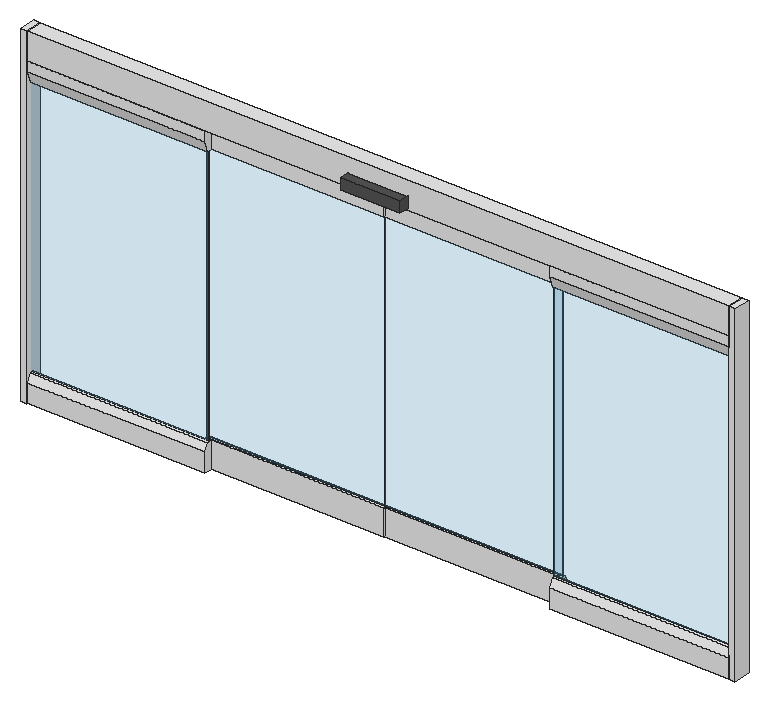
Revit family "Door_Sliding_AssaAbloy_AllGlass-BiPart", category Doors, host Wall, Revit 2024
Family settings
  Host = Wall
  OmniClass Number = 23.30.10.17.11
  OmniClass Title = Sliding Doors
  Always vertical = Yes
  Cut with Voids When Loaded = No
  Shared = No
  Room Calculation Point = No
Parameters (values of type "FSL 16 ft")
  Wall CL Offset Notes [instance] = "Use positive or negative values to determine location"  # constant formula
  Standards Conformance = "as Specified"
  Rail Height_Bottom [instance] = 0' - 7"
  RO Offset = 0' - 0 1/4"
  Panel Thickness = 0' - 1 7/8"
  Panel Height [instance] = if(Include Threshold, Height - 0' 0 5/8" - 0' 7 1/8", Height - 0' 0 1/8" - 0' 7 1/8")  # 6' - 10 1/2"
  Offset from Wall CL [instance] = 0' - 0"
  Include Threshold [instance] = no
  Hardware Finish [instance] = Plastic - Black
  Glazing Type [instance] = ""
  Glazing Tint [instance] = Glass
  Glazing Thickness [instance] = 0' - 0 1/4"
  Glazing Configuration [instance] = ""
  Function = Interior
  Jamb Width = 0' - 1 3/4"
  Frame Thickness = 0' - 4 1/2"
  Frame Finish [instance] = Metal - Aluminum - Besam - Anodized - Clear
  Electrical_Voltage [instance] = 0 V
  Electrical_Frequency [instance] = 0 Hz
  Electrical_Amperage [instance] = 0 A
  Clear Opening Width = 6' - 10 1/8"
  Clear Opening Height [instance] = if(1 = 1, Height - 0' 8 7/8", 0' 0")  # 6' - 8 7/8"
  Panel Width = (((Width / 2) - Jamb Width) / 2) + (0' 1" / 2) + 0' 0 1/4"  # 3' - 11 7/8"
  Warranty Duration (Years) = 0
  URL = "http://www.besam-usa.com/en/besam/us/"
  Thickness = 0' - 0"  # constant formula
  Test Data = ""
  Specification = "http://www.arcat.com/sd/clients/besamaut.html?coid=30906"
  SpecWizard = "http://www.arcat.com/specwizard/clients/besamaut.html?coid=30906"
  Send Message = "http://www.arcat.com/users.pl?action=UserEmail&company=Besam%20Entrance%20Solutions&coid=30906&rep=141&fax=704-290-5555&mf="
  Sales Information = "http://www.besam-usa.com/en/besam/us/About-us/Contact-Us/"
  Rough Width = (Width + (RO Offset * 2))  # 16' - 0 1/2"
  Rough Height = (Height + (RO Offset))  # 7' - 6"
  Product Properties = "http://www.besam-usa.com/en/besam/us/Products/"
  Product Data = "http://www.arcat.com/arcatcos/cos30/arc30906.html"
  Manufacturer Website = "http://www.besam-usa.com/en/besam/us/"
  Manufacturer Phone - Toll Free = "877-SPEC-123"
  Manufacturer Fax = "704-290-5555"
  Manufacturer Address = "1900 Airport Rd., Monroe, NC 28110"
  Maintenance Schedule (Months) = 0
  Installation-Fabrication = "http://www.besam-usa.com/en/besam/us/Downloads/"
  Installation Phase = ""
  Green Building-LEED = "http://www.arcat.com/green/clients/leed_data_30906.html"
  Model = "Besam SL500 CGL BP FSL16"
  Manufacturer = "ASSA ABLOY Entrance Systems"
  Keynote = "08463"
  Height = 7' - 5 3/4"
  Wall Closure = By host
  Width = 16' - 0"
  Fire Rating = "As Specified"
  Expected Lifespan (Years) = 0
  Drawn By = "Sumex Design, Inc. / Robert S. Weygant, CSI, CDT, SCIP"
  Description = "ASSA ABLOY All Glass BiPart Sliding Door - Besam SL500 CGL BP FSL16 as Specified"
  Copyright = "©Arcat Inc."
  Construction Details = "http://www.arcat.com/details/besamaut/besamaut.html?coid=30906"
  Building Codes = ""
  Assembly Code = "B2030110"
Types (4): name | Clear Opening Width | Panel Width | Rough Width | Model | Width | Description
  FSL 16 ft | 6' - 10 1/8" | 3' - 11 7/8" | 16' - 0 1/2" | "Besam SL500 CGL BP FSL16" | 16' - 0" | "ASSA ABLOY All Glass BiPart Sliding Door - Besam SL500 CGL BP FSL16 as Specified"
  FSL 14 ft | 5' - 10 1/8" | 3' - 5 7/8" | 14' - 0 1/2" | "Besam SL500 CGL BP FSL14" | 14' - 0" | "ASSA ABLOY All Glass BiPart Sliding Door - Besam SL500 CGL BP FSL14 as Specified"
  FSL 12 ft | 4' - 10 1/8" | 2' - 11 7/8" | 12' - 0 1/2" | "Besam SL500 CGL BP FSL12" | 12' - 0" | "ASSA ABLOY All Glass BiPart Sliding Door - Besam SL500 CGL BP FSL12 as Specified"
  FSL 10 ft | 3' - 10 1/8" | 2' - 5 7/8" | 10' - 0 1/2" | "Besam SL500 CGL BP FSL10" | 10' - 0" | "ASSA ABLOY All Glass BiPart Sliding Door - Besam SL500 CGL BP FSL10 as Specified"
Reference planes (in)
  plane 1 "Center (Front/Back)": y = -33.96225
  plane 2 "Center (Left/Right)": x = 64.28704
  plane 3: z = 0
  plane 4 "Right": x = 160.28704
  plane 5 "Left": x = -31.71296
  plane 6 "Closure": y = -35.96225
  plane 7: z = 0
  plane 8 "Top of Frame": z = 89.75
  plane 9 "RO Top": z = 90
  plane 10 "RO Right": x = 160.53704
  plane 11 "RO Left": x = -31.96296
  plane 12 "Frame Ext": y = -31.71225
  plane 13 "Frame Int": y = -36.21225
  plane 14: z = 0.125
  plane 15: x = 158.53704
  plane 16: x = -29.96296
  plane 17: z = 82.625
  plane 18: x = 17.91204
  plane 19: x = 110.66204
  plane 20: y = -34.64975
  plane 21: y = -34.77475
  plane 22: y = -34.52475
Forms (in)
  Extrusion 1, void
    sketch origin (0, -33.96225, 0) x (1, 0, 0) y (0, 0, 1)
      loop
        line (67.28704, 0) -> (67.28704, 2.875) -> (61.28704, 2.875) -> (61.28704, 0) -> (67.28704, 0)
    from 0 <- "Offset from Wall CL" to 12.0625
  Extrusion 2, void
    sketch origin (0, -33.96225, 0) x (-1, 0, 0) y (0, 0, 1)
      loop
        line (-19.16204, 0) -> (-19.16204, 1.875) -> (-22.16204, 1.875) -> (-22.16204, 0) -> (-19.16204, 0)
    from 0 to 12
  Extrusion 3, void
    sketch origin (0, -33.96225, 0) x (-1, 0, 0) y (0, 0, 1)
      loop
        line (-109.41204, 0) -> (-106.41204, 0) -> (-106.41204, 1.875) -> (-109.41204, 1.875) -> (-109.41204, 0)
    from -2.25 to 12
Lines and regions (in)
  Opening 1
    outline origin (-109.33485, -35.96225, 0) x (1, 0, 0) y (0, 0, 1)
      loop
        line (77.37189, 0) -> (269.87189, 0) -> (269.87189, 90) -> (77.37189, 90) -> (77.37189, 0)
Text (in)
  text "Exterior" at (48.04558, 2.31104, 0), in view "Plan"
  text "Interior" at (48.04558, -50.14366, 0), in view "Plan"
  text "Exterior" at (0, -17.98638, 123.01588), in view "Right"
  text "Interior" at (0, -64.39139, 123.01588), in view "Right"
  text "Interior" at (0, -52.09468, 121.14095), in view "Left"
  text "Exterior" at (0, 26.35325, 123.00693), in view "Left"
Dimensions and locks (in)
  equal spacing: plane 4 "Right", plane 2 "Center (Left/Right)", plane 5 "Left"
  "Width": plane 5 "Left" to plane 4 "Right"
  "Height": level to plane 8 "Top of Frame"
  "RO Offset": plane 5 "Left" to plane 11 "RO Left"
  "RO Offset": plane 10 "RO Right" to plane 4 "Right"
  "Frame Thickness": plane 12 "Frame Ext" to plane 13 "Frame Int"
  equal spacing: plane 12 "Frame Ext", plane 1 "Center (Front/Back)", plane 13 "Frame Int"
  "Jamb Width": plane 5 "Left" to plane 16
  "Jamb Width": plane 4 "Right" to plane 15
  locked: plane 17 to plane 8 "Top of Frame" at 7.125
  "Panel Width": plane 19 to plane 15
  "Panel Width": plane 16 to plane 18
  locked: plane 20 to plane 13 "Frame Int" at 1.5625
  equal spacing: plane 22, plane 20, plane 21
  "Glazing Thickness": plane 22 to plane 21
  "RO Offset": plane 8 "Top of Frame" to plane 9 "RO Top"
  "Panel Height": plane 14 to plane 17
  aligned and locked: host wall to plane 1 "Center (Front/Back)"
  aligned and locked: host wall to plane 6 "Closure"
  aligned and locked: Opening 1 sketch curve to level
  aligned and locked: plane 10 "RO Right" to Opening 1 sketch curve
  aligned and locked: Opening 1 sketch curve to plane 9 "RO Top"
  aligned and locked: plane 11 "RO Left" to Opening 1 sketch curve
  aligned and locked: plane 2 "Center (Left/Right)" to nested 2
  aligned and locked: plane 2 "Center (Left/Right)" to nested 4
  aligned and locked: nested 1 to plane 16
  aligned and locked: nested 3 to plane 15
  aligned: nested 4 to plane 12 "Frame Ext"
  aligned: plane 12 "Frame Ext" to nested 2
  aligned and locked: nested 5 to Extrusion 1
  aligned and locked: nested 3 to Extrusion 3
  aligned and locked: nested 1 to Extrusion 3
  aligned and locked: nested 2 to Extrusion 2
  aligned and locked: nested 4 to Extrusion 2
  aligned and locked: plane 14 to nested 3
  aligned and locked: plane 14 to nested 4
  aligned and locked: nested 2 to plane 14
  aligned and locked: nested 1 to plane 14
Automatic sketch dimensions
  Extrusion 1 sketch curve to level = 0' - 0"
  Extrusion 1 sketch curve to plane 2 "Center (Left/Right)" = 0' - 3"
  plane 2 "Center (Left/Right)" to Extrusion 1 sketch curve = 0' - 3"
  plane 14 to Extrusion 1 sketch curve = 0' - 2 3/4"
  Extrusion 2 sketch curve to Extrusion 1 = 0' - 0"
  Extrusion 2 sketch curve to Extrusion 1 = 0' - 1"
  Extrusion 1 to Extrusion 2 sketch curve = 3' - 6 1/8"
  Extrusion 2 sketch curve to Extrusion 2 sketch curve = 0' - 3"
  Extrusion 3 sketch curve to Extrusion 1 = 0' - 0"
  Extrusion 1 to Extrusion 3 sketch curve = 3' - 3 1/8"
  Extrusion 3 sketch curve to Extrusion 1 = 0' - 1"
  Extrusion 3 sketch curve to Extrusion 3 sketch curve = 0' - 3"
Nested families (in)
  nested 1: "Panel_AllGlass" at (-6.02546, -35.27475, 0.125) x (-1, 0, 0) z (0, 0, 1), Glass Type <- "Glazing Tint", Width <- "Panel Width", Thickness <- "Panel Thickness", Height <- "Panel Height", Glass Thickness <- "Glazing Thickness", Frame Material <- "Frame Finish", type "Panel_AllGlass"
    with Width 3' - 11 7/8", Thickness 0' - 1 7/8", Slide Right no, Slide Left no, Pivot Flat Side yes, Pivot Curved Side no, Muntin no, Height 6' - 10 1/2", Glass Type Glass, Glass Thickness 0' - 0 1/4", Frame Material Metal - Aluminum - Besam - Anodized - Clear, Flat Corner yes, 2 Curved Corners no
  nested 2: "Panel_AllGlass" at (40.34954, -33.02475, 0.125), Glass Type <- "Glazing Tint", Width <- "Panel Width", Thickness <- "Panel Thickness", Height <- "Panel Height", Glass Thickness <- "Glazing Thickness", Frame Material <- "Frame Finish", type "Panel_AllGlass"
    with Width 3' - 11 7/8", Thickness 0' - 1 7/8", Slide Right no, Slide Left yes, Pivot Flat Side no, Pivot Curved Side yes, Muntin no, Height 6' - 10 1/2", Glass Type Glass, Glass Thickness 0' - 0 1/4", Frame Material Metal - Aluminum - Besam - Anodized - Clear, Flat Corner yes, 2 Curved Corners no
  nested 3: "Panel_AllGlass" at (134.59954, -35.27475, 0.125), Glass Type <- "Glazing Tint", Width <- "Panel Width", Thickness <- "Panel Thickness", Height <- "Panel Height", Glass Thickness <- "Glazing Thickness", Frame Material <- "Frame Finish", type "Panel_AllGlass"
    with Width 3' - 11 7/8", Thickness 0' - 1 7/8", Slide Right no, Slide Left no, Pivot Flat Side yes, Pivot Curved Side no, Muntin no, Height 6' - 10 1/2", Glass Type Glass, Glass Thickness 0' - 0 1/4", Frame Material Metal - Aluminum - Besam - Anodized - Clear, Flat Corner yes, 2 Curved Corners no
  nested 4: "Panel_AllGlass" at (88.22454, -33.02475, 0.125) x (-1, 0, 0) z (0, 0, 1), Glass Type <- "Glazing Tint", Width <- "Panel Width", Thickness <- "Panel Thickness", Height <- "Panel Height", Glass Thickness <- "Glazing Thickness", Frame Material <- "Frame Finish", type "Panel_AllGlass"
    with Width 3' - 11 7/8", Thickness 0' - 1 7/8", Slide Right no, Slide Left yes, Pivot Flat Side no, Pivot Curved Side yes, Muntin no, Height 6' - 10 1/2", Glass Type Glass, Glass Thickness 0' - 0 1/4", Frame Material Metal - Aluminum - Besam - Anodized - Clear, Flat Corner yes, 2 Curved Corners no
  nested 5: "Frame" at (64.28704, -33.96225, 0), hardware finish <- "Hardware Finish", glazing <- "Glazing Tint", frame finish <- "Frame Finish", width <- "Width", height <- "Height", threshold <- "Include Threshold", type "Frame"
    with width 16' - 0", transom height 1' - 3", threshold no, panel width 3' - 5 7/8", height 7' - 5 3/4", hardware finish Plastic - Black, glazing Glass, frame finish Metal - Aluminum - Besam - Anodized - Clear
Definition of nested family "Panel_AllGlass"
  Parameters
    Width [instance] = 3' - 0"
    Thickness [instance] = 0' - 1 7/8"
    Slide Right [instance] = yes
    Slide Left [instance] = yes
    Rail Width_Top = 0' - 5 1/2"
    Rail Width_Base = 0' - 7"
    Pivot Flat Side [instance] = no
    Pivot Curved Side [instance] = yes
    Muntin [instance] = no
    Height [instance] = 7' - 0"
    Glass Type [instance] = none
    Glass Thickness [instance] = 0' - 0 1/4"
    Frame Material [instance] = none
    Flat Corner [instance] = not([2 Curved Corners])  # yes
    Assembly Code = ""
    2 Curved Corners [instance] = no
  Reference planes (in)
    plane 1 "Center (Front/Back)": y = 0
    plane 2: z = 0
    plane 3 "Center (Left/Right)": x = 0
    plane 4: x = -18
    plane 5: x = 18
    plane 6 "Frame_Ext": y = 0.9375
    plane 7 "Frame_Int": y = -0.9375
    plane 8: z = 84
    plane 9: z = 78.5
    plane 10: z = 7
    plane 11 "Glass_Ext": y = -0.4375
    plane 12 "Glass_Int": y = -0.6875
    plane 13: z = 42
  Forms (in)
    Extrusion 1, solid, material <- "Glass Type"
      sketch origin (-19.12252, -0.6875, 48) x (-1, 0, 0) y (0, 0, -1)
        loop
          line (-1.12252, -30.5) -> (-1.12252, 41) -> (-37.12252, 41) -> (-37.12252, -30.5) -> (-1.12252, -30.5)
      from 0 to -0.25
    Sweep 2, solid, material <- "Frame Material"
      path origin (0, 0, 0) x (1, 0, 0) y (0, 0, 1)
        loop
          line (-18, 84) -> (18, 84)
      profile origin (0, 0, 84) x (0, 0, 1) y (0, -1, 0)
        loop
          line (0, -0.9375) -> (0, 0.9375) -> (-5.5, 0.9375) -> (-5.5, 0.07597) -> (-2.71553, -0.9375) -> (0, -0.9375)
    Sweep 3, solid, material <- "Frame Material"
      path origin (0, 0, 0) x (1, 0, 0) y (0, 0, 1)
        loop
          line (-18, 0) -> (18, 0)
      profile origin (0, 0, 0) x (0, 0, 1) y (0, -1, 0)
        loop
          line (5.05144, -0.9375) -> (7, 0) -> (7, 0.9375) -> (0, 0.9375) -> (0, -0.9375) -> (5.05144, -0.9375)
  Lines and regions (in)
    Masking region 1, visible <- "Slide Right"
      outline origin (0, 0, 0) x (1, 0, 0) y (0, 1, 0)
        loop
          line (-1.75, -4.4375) -> (-1.75, -6.4375) -> (1.75, -6.4375) -> (1.75, -7.4375) -> (3.75, -5.4375) -> (1.75, -3.4375) -> (1.75, -4.4375) -> (-1.75, -4.4375)
    Masking region 2, visible <- "Slide Left"
      outline origin (0, 0, 0) x (0, 1, 0) y (-1, 0, 0)
        loop
          line (-4.4375, -1.75) -> (-4.4375, 1.75) -> (-3.4375, 1.75) -> (-5.4375, 3.75) -> (-7.4375, 1.75) -> (-6.4375, 1.75) -> (-6.4375, -1.75) -> (-4.4375, -1.75)
    symbolic lines, visible <- "Pivot Curved Side"
      curve 1: arc (18, -0.01635, 0) -> (7.45584, 25.43949, 0) -> (-18, 35.98365, 0) r 36
      curve 2: line (-18, 35.98365, 0) -> (-18, 0, 0)
    model lines, visible <- "Slide Right"
      curve 3: line (-1.75, -0.9375, 47) -> (1.75, -0.9375, 47)
      curve 4: line (1.75, -0.9375, 47) -> (1.75, -0.9375, 48)
      curve 5: line (-1.75, -0.9375, 47) -> (-1.75, -0.9375, 45)
      curve 6: line (-1.75, -0.9375, 45) -> (1.75, -0.9375, 45)
      curve 7: line (1.75, -0.9375, 45) -> (1.75, -0.9375, 44)
      curve 8: line (1.75, -0.9375, 44) -> (3.75, -0.9375, 46)
      curve 9: line (1.75, -0.9375, 48) -> (3.75, -0.9375, 46)
      curve 17: line (-1.75, 0.9375, 47) -> (1.75, 0.9375, 47)
      curve 18: line (-1.75, 0.9375, 47) -> (-1.75, 0.9375, 45)
      curve 19: line (-1.75, 0.9375, 45) -> (1.75, 0.9375, 45)
      curve 20: line (1.75, 0.9375, 45) -> (1.75, 0.9375, 44)
      curve 21: line (1.75, 0.9375, 44) -> (3.75, 0.9375, 46)
      curve 29: line (1.75, 0.9375, 47) -> (1.75, 0.9375, 48)
      curve 30: line (1.75, 0.9375, 48) -> (3.75, 0.9375, 46)
    model lines, visible <- "Slide Left"
      curve 10: line (1.75, -0.9375, 47) -> (-1.75, -0.9375, 47)
      curve 11: line (-1.75, -0.9375, 47) -> (-1.75, -0.9375, 48)
      curve 12: line (1.75, -0.9375, 47) -> (1.75, -0.9375, 45)
      curve 13: line (1.75, -0.9375, 45) -> (-1.75, -0.9375, 45)
      curve 14: line (-1.75, -0.9375, 45) -> (-1.75, -0.9375, 44)
      curve 15: line (-1.75, -0.9375, 44) -> (-3.75, -0.9375, 46)
      curve 16: line (-1.75, -0.9375, 48) -> (-3.75, -0.9375, 46)
      curve 22: line (1.75, 0.9375, 47) -> (-1.75, 0.9375, 47)
      curve 23: line (1.75, 0.9375, 47) -> (1.75, 0.9375, 45)
      curve 24: line (1.75, 0.9375, 45) -> (-1.75, 0.9375, 45)
      curve 25: line (-1.75, 0.9375, 45) -> (-1.75, 0.9375, 44)
      curve 26: line (-1.75, 0.9375, 44) -> (-3.75, 0.9375, 46)
      curve 27: line (-1.75, 0.9375, 47) -> (-1.75, 0.9375, 48)
      curve 28: line (-1.75, 0.9375, 48) -> (-3.75, 0.9375, 46)
  Dimensions and locks (in)
    equal spacing: plane 7 "Frame_Int", plane 1 "Center (Front/Back)", plane 6 "Frame_Ext"
    "Thickness": plane 6 "Frame_Ext" to plane 7 "Frame_Int"
    equal spacing: plane 4, plane 3 "Center (Left/Right)", plane 5
    "Width": plane 4 to plane 5
    "Height": plane 8 to level
    "Rail Width_Top": plane 8 to plane 9
    "Rail Width_Base": plane 10 to level
    "Glass Thickness": plane 12 "Glass_Int" to plane 11 "Glass_Ext"
    equal spacing: plane 8, plane 13, level
    locked: plane 12 "Glass_Int" to plane 7 "Frame_Int" at 0.25
    locked: Sweep 2 sketch curve to plane 9 at 2.78447
    locked: plane 10 to Sweep 3 sketch curve at 1.94856
    aligned and locked: plane 9 to Sweep 2 sketch curve
    aligned and locked: plane 7 "Frame_Int" to Sweep 2 sketch curve
    aligned and locked: Sweep 2 sketch curve to plane 6 "Frame_Ext"
    aligned and locked: Sweep 3 sketch curve to plane 10
    aligned and locked: plane 7 "Frame_Int" to Sweep 3 sketch curve
    aligned and locked: Sweep 3 sketch curve to plane 6 "Frame_Ext"
    aligned and locked: plane 11 "Glass_Ext" to Extrusion 1
  Automatic sketch dimensions
    plane 1 "Center (Front/Back)" to curve 2 = 0' - 0"
    curve 2 to plane 4 = 0' - 0"
    curve 1 to plane 5 = 0' - 0"
    plane 1 "Center (Front/Back)" to curve 1 = 0' - 0.01635"
    Extrusion 1 sketch curve to plane 5 = 0' - 0"
    Extrusion 1 sketch curve to plane 4 = 0' - 0"
    Extrusion 1 sketch curve to plane 10 = 0' - 0"
    Extrusion 1 sketch curve to plane 9 = 0' - 0"
    Sweep 2 sketch curve to plane 4 = 0' - 0"
    Sweep 2 sketch curve to plane 5 = 0' - 0"
    Sweep 2 sketch curve to plane 8 = 0' - 0"
    profile plane to Sweep 2 sketch curve = 0' - 0"
    plane 1 "Center (Front/Back)" to Sweep 2 sketch curve = 0' - 0.07597"
    Sweep 3 sketch curve to level = 0' - 0"
    Sweep 3 sketch curve to plane 4 = 0' - 0"
    Sweep 3 sketch curve to plane 5 = 0' - 0"
    profile plane to Sweep 3 sketch curve = 0' - 0"
    Sweep 3 sketch curve to plane 1 "Center (Front/Back)" = 0' - 0"
    plane 3 "Center (Left/Right)" to curve 9 = 0' - 3 3/4"
    plane 3 "Center (Left/Right)" to curve 4 = 0' - 1 3/4"
    curve 10 to plane 3 "Center (Left/Right)" = 0' - 1 3/4"
    curve 3 to curve 16 = 0' - 2"
    plane 13 to curve 14 = 0' - 2"
    plane 13 to curve 7 = 0' - 2"
    curve 7 to curve 13 = 0' - 1"
    curve 6 to curve 9 = 0' - 1"
    curve 5 to curve 15 = 0' - 1"
    curve 10 to curve 4 = 0' - 1"
    plane 3 "Center (Left/Right)" to curve 30 = 0' - 3 3/4"
    plane 3 "Center (Left/Right)" to curve 29 = 0' - 1 3/4"
    curve 22 to plane 3 "Center (Left/Right)" = 0' - 1 3/4"
    curve 17 to curve 26 = 0' - 2"
    plane 13 to curve 21 = 0' - 2"
    plane 13 to curve 25 = 0' - 2"
    curve 25 to curve 18 = 0' - 1"
    curve 18 to curve 28 = 0' - 1"
    curve 19 to curve 30 = 0' - 1"
    curve 23 to curve 29 = 0' - 1"
    Masking region 1 sketch curve to plane 3 "Center (Left/Right)" = 0' - 1 3/4"
    plane 3 "Center (Left/Right)" to Masking region 1 sketch curve = 0' - 1 3/4"  (x2)
    Masking region 1 sketch curve to Masking region 1 sketch curve = 0' - 2"  (x2)
    Masking region 1 sketch curve to plane 7 "Frame_Int" = 0' - 6 1/2"
    Masking region 1 sketch curve to Masking region 1 sketch curve = 0' - 1"  (x2)
    Masking region 2 sketch curve to plane 3 "Center (Left/Right)" = 0' - 1 3/4"  (x2)
    Masking region 2 sketch curve to plane 7 "Frame_Int" = 0' - 6 1/2"
    Masking region 2 sketch curve to Masking region 2 sketch curve = 0' - 1"  (x3)
    Masking region 2 sketch curve to Masking region 2 sketch curve = 0' - 2"
    plane 3 "Center (Left/Right)" to Masking region 2 sketch curve = 0' - 1 3/4"
Definition of nested family "Frame"
  Parameters
    width [instance] = 4' - 2"
    transom height [instance] = 1' - 3"
    threshold [instance] = yes
    panel width [instance] = 1' - 7 1/4"
    height [instance] = 5' - 3.19658"
    hardware finish [instance] = none
    glazing [instance] = none
    frame finish [instance] = none
    Default Elevation = 0' - 0"
    Assembly Code = ""
  Reference planes (in)
    plane 1 "Center (Front/Back)": y = 0
    plane 2: z = 0
    plane 3 "Center (Left/Right)": x = 0
    plane 4: x = -25
    plane 5: x = -23.25
    plane 6: x = 23.25
    plane 7: x = 25
    plane 8: z = 63.19658
    plane 9: z = 56.07158
    plane 10: z = 78.19658
  Forms (in)
    Extrusion 1, solid, material <- "frame finish"
      sketch origin (0, 0, 0) x (1, 0, 0) y (0, 1, 0)
        loop
          line (-25, -2.25) -> (-23.25, -2.25) -> (-23.25, 2.25) -> (-25, 2.25) -> (-25, -2.25)
        loop
          line (25, -2.25) -> (25, 2.25) -> (23.25, 2.25) -> (23.25, -2.25) -> (25, -2.25)
      from 0 to 63.19658
    Extrusion 2, solid, material <- "frame finish"
      sketch origin (0, 0, 0) x (0, 1, 0) y (0, 0, 1)
        loop
          line (-2.25, 63.19658) -> (-2.25, 56.07158) -> (2.25, 56.07158) -> (2.25, 63.19658) -> (-2.25, 63.19658)
      from -23.25 to 23.25
    Extrusion 3, solid, material <- "frame finish", visible <- "threshold"
      sketch origin (0, 0, 0) x (0, 1, 0) y (0, 0, 1)
        loop
          line (2.5, 0.5) -> (-2.5, 0.5) -> (-3.87374, 0) -> (3.87374, 0) -> (2.5, 0.5)
      from -23.25 to 23.25
    Extrusion 4, solid, material <- "hardware finish"
      sketch origin (0, 0, 0) x (0, 1, 0) y (0, 0, 1)
        loop
          line (2.25, 59.94658) -> (2.25, 56.94658) -> (4.75, 56.94658) -> (4.75, 59.94658) -> (2.25, 59.94658)
        loop
          line (-4.75, 59.32158) -> (-4.75, 56.32158) -> (-2.25, 56.32158) -> (-2.25, 59.32158) -> (-4.75, 59.32158)
      from 8 to -8
    Extrusion 5, solid, material <- "frame finish", not visible
      sketch origin (0, 0, 0) x (1, 0, 0) y (0, 0, 1)
        loop
          line (-25, 78.19658) -> (-25, 63.19658) -> (-23.25, 63.19658) -> (-23.25, 76.44658) -> (-0.875, 76.44658) -> (-0.875, 63.19658) -> (0.875, 63.19658) -> (0.875, 76.44658) -> (23.25, 76.44658) -> (23.25, 63.19658) -> (25, 63.19658) -> (25, 78.19658) -> (-25, 78.19658)
      from -2.25 to 2.25
    Extrusion 6, solid, material <- "frame finish", not visible
      sketch origin (0, 0, 0) x (1, 0, 0) y (0, 0, 1)
        loop
          line (-23.25, 64.19658) -> (-23.25, 63.19658) -> (23.25, 63.19658) -> (23.25, 64.19658) -> (-23.25, 64.19658)
      from -1.67852 to 0.29207
    Extrusion 7, solid, material <- "glazing", not visible
      sketch origin (0, 0, 0) x (1, 0, 0) y (0, 0, 1)
        loop
          line (-23.25, 76.44658) -> (-23.25, 64.19658) -> (23.25, 64.19658) -> (23.25, 76.44658) -> (-23.25, 76.44658)
      from -1.21131 to -1.02391
  Dimensions and locks (in)
    equal spacing: plane 4, plane 3 "Center (Left/Right)", plane 7
    locked: plane 4 to plane 5 at 1.75
    locked: plane 6 to plane 7 at 1.75
    "width": plane 4 to plane 7
    "height": plane 8 to level
    locked: plane 8 to plane 9 at 7.125
    Extrusion 4 sketch curve to Extrusion 4 sketch curve to plane 9 = 0' - 3" locked, 0' - 0 1/4" locked
    Extrusion 4 sketch curve to Extrusion 4 sketch curve to plane 9 = 0' - 3" locked, 0' - 0 7/8" locked
    "transom height": plane 10 to plane 8
    locked: plane 10 to Extrusion 5 sketch curve at 1.75
    locked: Extrusion 6 sketch curve to plane 8 at 1
    locked: plane 10 to Extrusion 7 sketch curve at 1.75
    locked: Extrusion 7 sketch curve to plane 8 at 1
    Extrusion 5 sketch curve to plane 3 "Center (Left/Right)" to Extrusion 5 sketch curve = 0' - 0 7/8" locked, 0' - 0 7/8" locked
    aligned and locked: plane 2 to level
    aligned: plane 9 to Extrusion 1
    aligned and locked: plane 8 to Extrusion 1
    aligned and locked: plane 8 to Extrusion 2 sketch curve
    aligned and locked: Extrusion 2 sketch curve to plane 9
    aligned and locked: plane 6 to Extrusion 2
    aligned and locked: Extrusion 2 to plane 5
    aligned and locked: plane 6 to Extrusion 3
    aligned and locked: Extrusion 3 to plane 5
    aligned and locked: plane 5 to Extrusion 5 sketch curve
    aligned and locked: Extrusion 5 sketch curve to plane 4
    aligned and locked: Extrusion 5 sketch curve to plane 6
    aligned and locked: plane 7 to Extrusion 5 sketch curve
    aligned and locked: plane 10 to Extrusion 5 sketch curve
    aligned and locked: Extrusion 6 sketch curve to plane 6
    aligned and locked: plane 5 to Extrusion 6 sketch curve
    aligned and locked: plane 8 to Extrusion 6 sketch curve
    aligned and locked: plane 5 to Extrusion 7 sketch curve
    aligned and locked: Extrusion 7 sketch curve to plane 6
  Automatic sketch dimensions
    plane 1 "Center (Front/Back)" to Extrusion 1 sketch curve = 0' - 2 1/4"  (x2)
    Extrusion 1 sketch curve to plane 4 = 0' - 0"
    Extrusion 1 sketch curve to plane 5 = 0' - 0"
    Extrusion 1 sketch curve to plane 6 = 0' - 0"
    Extrusion 1 sketch curve to plane 7 = 0' - 0"
    Extrusion 1 sketch curve to Extrusion 1 sketch curve = 0' - 4 1/2"
    Extrusion 1 sketch curve to plane 1 "Center (Front/Back)" = 0' - 2 1/4"
    plane 1 "Center (Front/Back)" to Extrusion 2 sketch curve = 0' - 2 1/4"
    Extrusion 2 sketch curve to plane 1 "Center (Front/Back)" = 0' - 2 1/4"
    Extrusion 3 sketch curve to level = 0' - 0"
    Extrusion 3 sketch curve to Extrusion 3 sketch curve = 0' - 5"
    plane 1 "Center (Front/Back)" to Extrusion 3 sketch curve = 0' - 3.87374"
    level to Extrusion 3 sketch curve = 0' - 0 1/2"
    Extrusion 3 sketch curve to Extrusion 3 sketch curve = 0' - 1.37374"  (x2)
    plane 1 "Center (Front/Back)" to Extrusion 4 sketch curve = 0' - 4 3/4"
    plane 1 "Center (Front/Back)" to Extrusion 4 sketch curve = 0' - 2 1/4"
    Extrusion 4 sketch curve to plane 1 "Center (Front/Back)" = 0' - 2 1/4"
    Extrusion 4 sketch curve to Extrusion 4 sketch curve = 0' - 2 1/2"
    Extrusion 5 sketch curve to plane 8 = 0' - 0"  (x3)
    Extrusion 5 sketch curve to Extrusion 5 sketch curve = 0' - 0"
